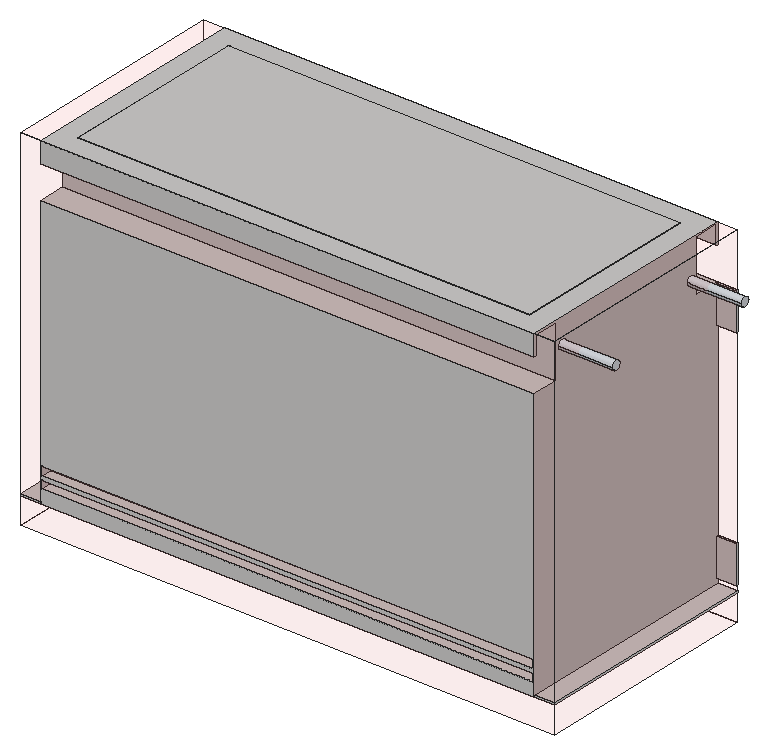
Revit family "Air-Curtain_Climate-Control_PoweredAire_THS", category Mechanical Equipment, host Face, Revit 2019
Family settings
  Host = Face
  Round Connector Dimension = Use Diameter
  Part Type = Normal
  OmniClass Number = 23.75.35.17.21
  OmniClass Title = Air Curtains
  Cut with Voids When Loaded = No
  Shared = No
  Room Calculation Point = No
Parameters
  upperrotation [instance] = if(Upper Pipe Connection Side A, 0.00°, 180.00°)  # 0.00°
  lowerrotation [instance] = if(Lower Pipe Connection Side A, 0.00°, 180.00°)  # 0.00°
  locateupperpipe [instance] = if(Upper Pipe Connection Side A, 0' 0", Nozzle Width)  # 0' - 0"
  locatelowerpipe [instance] = if(Lower Pipe Connection Side A, 0' 0", Nozzle Width)  # 0' - 0"
  Warranty Duration (Years) = 0
  Upper Pipe Connection Side A [instance] = yes
  Unit Width Notes = "Other Widths available."  # constant formula
  Unit Width = 3' - 3"
  Unit Weight = 0
  Unit Height = 1' - 4 3/4"
  Unit Depth [instance] = if(Include Filters, 2' 1 7/8", 1' 11 3/4")  # 1' - 11 3/4"
  URL = "http://www.poweredaire.com/"
  Test Data = ""
  Temperature Rise_Range = "as Specified"
  Standards Conformance = "as Specified"
  Specification = "http://www.arcat.com/sdspecs/htm04/23_34_33pai.htm"
  SpecWizard = ""
  Sound Pressure = "as Specified"
  Sales Information = "http://www.poweredaire.com/contact_us"
  Revision = "R1_2016-08"
  Projection from Host [instance] = 0' - 2"
  Product Properties = ""
  Product Data = "http://www.arcat.com/arcatcos/cos47/arc47623.html"
  Power Rating = 0 W
  Piping_Water Flow [instance] = 0 GPM
  Piping_Operating Pressure [instance] = 0.00 psi
  Piping_Exit Temperature [instance] = 0 °F
  Piping_Entry Temperature [instance] = 0 °F
  Pipe OD [instance] = 5/8"
  Outlet Volume_Range = "as Specified"
  Outlet Velocity_Range = "as Specified"
  Nozzle Width = if(1 = 1, Unit Width - 0' 3", 0' 0")  # 3' - 0"
  Mounting Width = if(1 = 1, Unit Width - 0' 1 1/2", 0' 0")  # 3' - 1 1/2"
  Mounting Height [instance] = 3' - 6"
  Motor RPM = 0
  Motor HP = 0
  Motor Count = 0
  Model = "As Specified"
  Max Height = 0' - 0"
  Manufacturer Website = "http://www.poweredaire.com/"
  Manufacturer Phone - Toll Free = "888-321-2473"
  Manufacturer Phone = "724-588-3305"
  Manufacturer Fax = "724-588-3371"
  Manufacturer Address = "109 Mortensen Rd.  Greenville, PA 16125"
  Manufacturer = "Powered Aire, Inc"
  Maintenance Schedule (Months) = 0
  Lower Pipe Connection Side A [instance] = yes
  Keynote = "23 34 33"
  Installation-Fabrication = ""
  Installation Phase = ""
  Include Filters [instance] = no
  Include Clearance [instance] = yes
  Heating Element Load = 0 W
  HVAC_Temperature Rise [instance] = 0 °F
  HVAC_Outlet Volume [instance] = 0 CFM
  HVAC_Outlet Velocity Uniformity = 0
  HVAC_Outlet Velocity [instance] = 0 FPM
  HVAC_BTU Input = 0.0 Btu/h
  Green Building-LEED = "http://www.arcat.com/green/clients/leed_data_47623.html"
  Front Grating Material [instance] = Metal - Steel - PoweredAire - Stainless 304 Perforated
  Frame Finish [instance] = Metal - Steel - PoweredAire - Stainless 304
  Expected Lifespan (Years) = 0
  Electrical_Wattage [instance] = Power Rating + Heating Element Load  # 0 W
  Electrical_Voltage [instance] = 0 V
  Electrical_Phase [instance] = 1
  Electrical_Frequency [instance] = 0 Hz
  Electrical_Amperage [instance] = 0 A
  Drawn By = "Sumex Design, Inc. / Robert S. Weygant, CSI, CDT, SCIP"
  Description = "Powered Aire Air Curtain as Specified"
  Default Elevation = 0' - 0"  # constant formula
  Copyright = "©Arcat Inc."
  Construction Details = "http://www.arcat.com/details/powair/prod3336.html"
  Clearance_Top [instance] = 0' - 0"
  Clearance_Side B [instance] = 0' - 0"
  Clearance_Side A [instance] = 0' - 0"
  Clearance_Intake [instance] = 0' - 0"
  Clearance_Bottom [instance] = 0' - 0"
  Clearance Material [instance] = ARCAT Clearance
  Building Codes = ""
  Available Options [instance] = "as Specified"
  Assembly Code = "D3090400"
Reference planes (in)
  plane 1 "Center (Elevation)": y = 0.13818
  plane 2: z = 0
  plane 3 "Center (Left/Right)": x = 0
  plane 4: y = 8.51318
  plane 5: y = -8.23682
  plane 6: x = -19.5
  plane 7: x = 19.5
  plane 8: z = 25.75
  plane 9 "FF": y = -41.86182
  plane 10: z = 2
  plane 11: x = 18
  plane 12: x = -18
  plane 13: y = 8.51318
  plane 14: y = -8.23682
  plane 15: x = -19.5
  plane 16: x = 19.5
  plane 17: z = 25.75
  plane 18: x = 17.9375
  plane 19: x = -17.9375
  plane 20: x = 18
  plane 21: x = 18
  plane 22: y = 6.01318
  plane 23: y = -5.73682
Forms (in)
  Extrusion 1, solid, material "Metal - Steel - PoweredAire - Stainless 304" <- "Frame Finish"
    sketch origin (0, 0, 0) x (0, 1, 0) y (0, 0, 1)
      loop
        line (-8.23682, 2) -> (8.51318, 2) -> (8.51318, 21.8125) -> (6.51318, 21.8125) -> (6.51318, 25.625) -> (8.38818, 25.625) -> (8.38818, 24.25) -> (8.51318, 24.25) -> (8.51318, 25.75) -> (-8.23682, 25.75) -> (-8.23682, 24.25) -> (-8.11182, 24.25) -> (-8.11182, 25.625) -> (-6.23682, 25.625) -> (-6.23682, 21.8125) -> (-8.23682, 21.8125) -> (-8.23682, 2)
    from -18 to 18
  Extrusion 2, solid, material "ARCAT Clearance" <- "Clearance Material", visible <- "Include Clearance"
    sketch origin (0, 0, 0) x (0, 1, 0) y (0, 0, 1)
      loop
        line (-8.23682, 25.75) -> (-8.23682, 0) -> (8.51318, 0) -> (8.51318, 25.75) -> (-8.23682, 25.75)
    from -19.5 to 19.5
  Extrusion 3, solid, material "Metal - Steel - PoweredAire - Stainless 304" <- "Frame Finish"
    sketch origin (-15.17702, -180, 2) x (-1, 0, 0) y (0, -1, 0)
      loop
        line (-33.17702, -188.51318) -> (-33.17702, -171.76318) -> (-34.67702, -171.76318) -> (-34.67702, -188.51318) -> (-33.17702, -188.51318)
      loop
        line (2.82298, -188.51318) -> (4.32298, -188.51318) -> (4.32298, -171.76318) -> (2.82298, -171.76318) -> (2.82298, -188.51318)
    from 0 to 0.125
  Extrusion 4, solid, material "Metal - Steel - PoweredAire - Stainless 304" <- "Frame Finish"
    sketch origin (-11.83813, 8.51318, 48) x (-1, 0, 0) y (0, 0, 1)
      loop
        line (-29.83813, -45.5) -> (-29.83813, -42.75) -> (-31.33813, -42.75) -> (-31.33813, -45.5) -> (-29.83813, -45.5)
      loop
        line (-29.83813, -28.9375) -> (-29.83813, -26.1875) -> (-31.33813, -26.1875) -> (-31.33813, -28.9375) -> (-29.83813, -28.9375)
      loop
        line (6.16187, -45.5) -> (7.66187, -45.5) -> (7.66187, -42.75) -> (6.16187, -42.75) -> (6.16187, -45.5)
      loop
        line (6.16187, -28.9375) -> (7.66187, -28.9375) -> (7.66187, -26.1875) -> (6.16187, -26.1875) -> (6.16187, -28.9375)
    from 0 to -0.125
  Extrusion 5, void
    sketch origin (0, 0, 0) x (0, 1, 0) y (0, 0, 1)
      loop
        line (-8.23682, 3) -> (-7.23682, 3) -> (-7.23682, 4.5) -> (-8.23682, 4.5) -> (-8.23682, 3.82425) -> (-7.38364, 3.82425) -> (-7.38364, 3.57425) -> (-8.23682, 3.57425) -> (-8.23682, 3)
    from -17.9375 to 17.9375
  Extrusion 6, solid, material "Metal - Steel - PoweredAire - Stainless 304 Perforated" <- "Front Grating Material"
    sketch origin (0, -8.23682, 25.75) x (0, 1, 0) y (-1, 0, 0)
      loop
        line (15.25, 16.5) -> (1.5, 16.5) -> (1.5, -16.5) -> (15.25, -16.5) -> (15.25, 16.5)
    from 0 to 0.03125
  Sweep 7, solid
    path origin (18, 6.01318, 0) x (1, 0, 0) y (0, 1, 0)
      loop
        line (0, 0) -> (4, 0)
    profile origin (20, 6.01318, 0) x (0, 1, 0) y (0, 0, 1)
      loop
        circle (0, 23) r 0.3125
  Sweep 8, solid
    path origin (18, -5.73682, 0) x (1, 0, 0) y (0, 1, 0)
      loop
        line (0, 0) -> (4, 0)
    profile origin (20, -5.73682, 0) x (0, 1, 0) y (0, 0, 1)
      loop
        circle (0, 24) r 0.3125
Cuts and joins
  Extrusion 5 cuts Extrusion 1
Lines and regions (in)
  reference lines
    curve 1: line (18, 6.01318, 0) -> (22.75, 6.01318, 0)
    curve 2: line (18, -5.73682, 0) -> (23.75, -5.73682, 0)
Dimensions and locks (in)
  equal spacing: plane 4, plane 1 "Center (Elevation)", plane 5
  "Unit Height": plane 4 to plane 5
  equal spacing: plane 6, plane 3 "Center (Left/Right)", plane 7
  "Unit Width": plane 6 to plane 7
  "Mounting Height": plane 1 "Center (Elevation)" to plane 9 "FF"
  "Projection from Host": plane 10 to level
  "Unit Depth": plane 8 to plane 10
  locked: plane 6 to plane 12 at 1.5
  locked: plane 11 to plane 7 at 1.5
  "Clearance_Side A": plane 7 to plane 16
  "Clearance_Side B": plane 15 to plane 6
  "Clearance_Top": plane 13 to plane 4
  "Clearance_Bottom": plane 5 to plane 14
  "Clearance_Intake": plane 17 to plane 8
  plane 5 to Extrusion 1 sketch curve to Extrusion 1 sketch curve = 0' - 0 1/8" locked, 0' - 1 7/8" locked
  Extrusion 1 sketch curve to Extrusion 1 sketch curve to plane 4 = 0' - 1 7/8" locked, 0' - 0 1/8" locked
  Extrusion 4 sketch curve to Extrusion 4 sketch curve to Extrusion 4 sketch curve to Extrusion 4 sketch curve to plane 10 = 0' - 2 3/4" locked, 1' - 1 13/16" locked, 0' - 2 3/4" locked, 0' - 0 1/2" locked
  Extrusion 4 sketch curve to Extrusion 4 sketch curve to Extrusion 4 sketch curve to Extrusion 4 sketch curve = 0' - 2 3/4" locked, 1' - 1 13/16" locked, 0' - 2 3/4" locked
  locked: Extrusion 4 sketch curve to plane 10 at 0.5
  plane 8 to Extrusion 1 sketch curve to Extrusion 1 sketch curve = 0' - 0 1/8" locked, 0' - 1 3/8" locked  (x2)
  locked: Extrusion 1 sketch curve to plane 10 at 19.8125  (x2)
  Extrusion 5 sketch curve to Extrusion 5 sketch curve to Extrusion 5 sketch curve to Extrusion 5 sketch curve to plane 10 = 0' - 0.67575" locked, 0' - 0 1/4" locked, 0' - 0.57425" locked, 0' - 1" locked
  plane 5 to Extrusion 5 sketch curve to Extrusion 5 sketch curve = 0' - 0.85319" locked, 0' - 0.14681" locked
  locked: plane 19 to plane 12 at 0.0625
  locked: plane 11 to plane 18 at 0.0625
  locked: plane 4 to Extrusion 6 sketch curve at 1.5
  locked: Extrusion 6 sketch curve to plane 5 at 1.5
  locked: Extrusion 6 sketch curve to plane 11 at 1.5
  locked: plane 12 to Extrusion 6 sketch curve at 1.5
  "locateupperpipe": plane 20 to plane 11
  "locatelowerpipe": plane 21 to plane 11
  locked: plane 4 to plane 22 at 2.5
  locked: plane 23 to plane 5 at 2.5
  locked: curve 1 to Sweep 7 sketch curve at 4
  locked: curve 1 to Sweep 7 sketch curve
  locked: Sweep 7 sketch curve to plane 10 at 21
  locked: curve 2 to Sweep 8 sketch curve at 4
  locked: curve 2 to Sweep 8 sketch curve
  locked: Sweep 8 sketch curve to plane 10 at 22
  "upperrotation": angle plane 22 to curve 1
  "lowerrotation": angle plane 23 to curve 2
  aligned and locked: plane 2 to host face
  aligned and locked: level to host face
  aligned and locked: Extrusion 2 sketch curve to plane 17
  aligned and locked: plane 14 to Extrusion 2 sketch curve
  aligned and locked: level to Extrusion 2 sketch curve
  aligned and locked: Extrusion 2 sketch curve to plane 13
  aligned and locked: plane 16 to Extrusion 2
  aligned and locked: Extrusion 2 to plane 15
  aligned and locked: plane 11 to Extrusion 1
  aligned and locked: Extrusion 1 to plane 12
  aligned and locked: plane 21 to curve 2
  aligned and locked: plane 23 to curve 2
  aligned and locked: plane 22 to curve 1
  aligned and locked: plane 20 to curve 1
Automatic sketch dimensions
  host sketch curve to host sketch curve = 8' - 0"  (x2)
  Extrusion 1 sketch curve to plane 5 = 0' - 0"  (x2)
  Extrusion 1 sketch curve to plane 4 = 0' - 0"  (x2)
  Extrusion 1 sketch curve to plane 10 = 0' - 0"
  Extrusion 1 sketch curve to plane 8 = 0' - 0"
  plane 4 to Extrusion 3 sketch curve = 0' - 0"
  Extrusion 3 sketch curve to plane 7 = 0' - 0"
  plane 5 to Extrusion 3 sketch curve = 0' - 0"
  Extrusion 3 sketch curve to plane 11 = 0' - 0"
  Extrusion 3 sketch curve to plane 4 = 0' - 0"
  Extrusion 3 sketch curve to plane 12 = 0' - 0"
  Extrusion 3 sketch curve to plane 6 = 0' - 0"
  Extrusion 3 sketch curve to plane 5 = 0' - 0"
  Extrusion 4 sketch curve to plane 7 = 0' - 0"  (x2)
  Extrusion 4 sketch curve to plane 11 = 0' - 0"  (x2)
  Extrusion 4 sketch curve to plane 12 = 0' - 0"  (x2)
  Extrusion 4 sketch curve to plane 6 = 0' - 0"  (x2)
  Extrusion 5 sketch curve to plane 5 = 0' - 0"  (x2)
  Sweep 7 sketch curve to profile plane = 0' - 0"
  Sweep 8 sketch curve to profile plane = 0' - 0"
  radius of Sweep 7 sketch curve = 0' - 0 5/16"
  radius of Sweep 8 sketch curve = 0' - 0 5/16"
Connectors (in)
  piping at (22, 6.01318, 23), diameter 0.625, driven by "Pipe OD", driven by "Piping_Water Flow"
    settings: on Sweep 7, index 1, connector inside diameter 24", connector length 0' - 0", flow factor 0, pipe flow 0 GPM, pressure drop 0.00 psi, fitting loss kfactor 0, connector angle 0.00°, fixture units 0, engagement length 0' - 0", angle of deflection 0.00°, flow configuration 0, flow direction 0, fitting loss method 0, system type 29, joint type 0, gender type 0, connector reference index -1, connector utility 0, adjustable connector no, is connector primary yes, connector description "Define Supply or Return and Location"
  piping at (22, -5.73682, 24), diameter 0.625, driven by "Pipe OD", driven by "Piping_Water Flow"
    settings: on Sweep 8, index 2, connector inside diameter 24", connector length 0' - 0", flow factor 0, pipe flow 0 GPM, pressure drop 0.00 psi, fitting loss kfactor 0, connector angle 0.00°, fixture units 0, engagement length 0' - 0", angle of deflection 0.00°, flow configuration 0, flow direction 0, fitting loss method 0, system type 29, joint type 0, gender type 0, connector reference index -1, connector utility 0, adjustable connector no, is connector primary no, connector description "Define Supply or Return and Location"
  electrical at (-18, 0.13818, 21.39062), driven by "Electrical_Voltage", driven by "Electrical_Phase"
    settings: on cut or joined group of Extrusion 1, Extrusion 5, index 3, voltage 0 V, apparent load 0 VA, apparent load phase1 0 VA, apparent load phase2 0 VA, apparent load phase3 0 VA, power factor 1, load classification "Motor", number of poles 1, system type 31, power factor state 1, is connector primary yes, connector utility no, sub classification motor no, connector description ""
